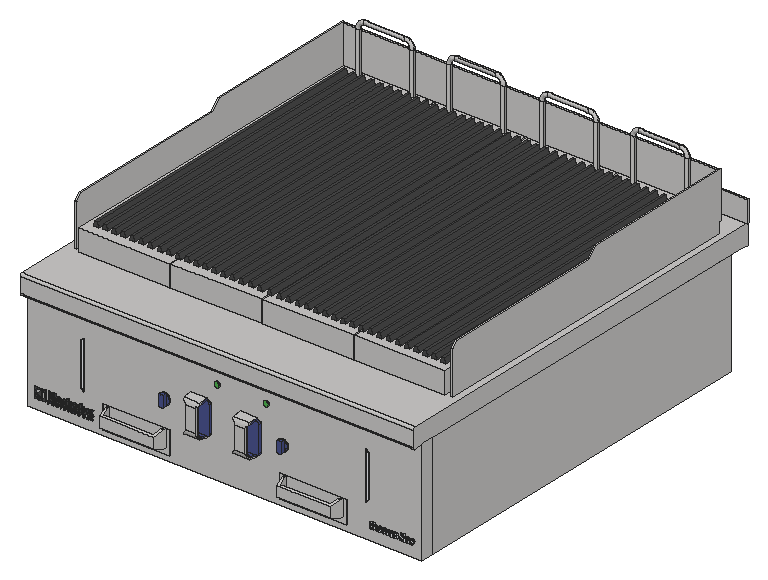
Revit family "QF_ELECTROLUXPROFESSIONAL_588619_MBDBBBHOPO", category Attrezzature speciali, Revit 2020
Family settings
  Quota connettore circolare = Usa diametro
  Tipo di parte = Normale
  Basato su piano di lavoro = No
  Sempre verticale = Sì
  Taglio con vuoti quando caricato = No
  Condiviso = No
  Punto di calcolo locali = No
Parameters (values of type "Standard")
  Weight = 110.00 kg
  Watts = 0 W
  Volts = 0 V
  URL Manufacturer = "https://www.electroluxprofessional.com/"
  URL = "https://www.electroluxprofessional.com/"
  Steam Supply Size = 0"
  Steam Supply Minimum Pressure = 0.00 psi
  Steam Supply Maximum Pressure = 0.00 psi
  Steam Consumption per Hour = 0
  Refrigeration Suction Line Size = 0 mm
  Refrigeration Liquid Line Size = 0 mm
  Refrigerant Compressor Remote = yes
  Prospetto di default = 0 mm
  Phase = 0
  Modello = "MBDBBBHOPO"
  Produttore = "Electrolux Professional"
  Length Actual = 800 mm  # constant formula
  Item Number = "588619"
  Hot Water Size = 0"
  Height Actual = 250 mm  # constant formula
  HP = "0 HP"
  Gas Size = 1/2"
  Gas KW = 21
  Gas Input Pressure = 0.703736 Btu/h
  Direct Waste Size = 0"
  Descrizione = "GAS CHARGRILL,1SIDE,BACKSPL,800X850X250H"
  Depth Actual = 850 mm  # constant formula
  Cycle = 0 Hz
  Condensate Return Size = 0"
  Compressed Air Volume = 0 GPM
  Compressed Air Size = 0"
  Compressed Air Pressure = 0.00 psi
  Cold Water Size = 0"
  Accessory = yes
Reference planes
  plane 1 "BACK": y = 0
  plane 2: z = 0
  plane 3 "LEFT": x = 0
  plane 4 "RIGHT": x = 800
  plane 5 "FRONT": y = -850
  plane 6 "TOP": z = 900
  plane 7 "Center (Left/Right)": x = 400
  plane 8: y = -425
  plane 9: y = -150
  plane 10: y = -65
  plane 11: y = -790
  plane 12 "GASy": y = -540
  plane 13 "Base_Rib": z = 944
  plane 14 "BaseTop": z = 650
  plane 15: y = -805
  plane 16 "Camino": y = -50
  plane 17 "GASx": x = 755
  plane 18: z = 1131
  plane 19 "PlaneRibbed": through (-6096, -65, 890) normal (0, -0.0251, 0.9997)
  plane 20 "U_Profile": y = -73
Forms (mm)
  Extrusion 1, solid, material "QF_Finishes_Stainless Steel"
    sketch origin (-178.969, -4572, 100) x (-1, 0, 0) y (0, -1, 0)
      loop
        line (-178.969, -4527) -> (-178.969, -3767) -> (-978.969, -3767) -> (-978.969, -4527) -> (-178.969, -4527)
    from 550 to 762.969
  Extrusion 2, solid, material "QF_Finishes_Stainless Steel"
    sketch origin (400, 296.4, 1219.2) x (0, 1, 0) y (0, 0, 1)
      loop
        line (-296.4, -319.2) -> (-1141.4, -319.2)
        arc (-1141.4, -319.2) -> (-1144.935, -320.664) -> (-1146.4, -324.2) r 5
        line (-1146.4, -324.2) -> (-1146.4, -355.2)
        arc (-1146.4, -355.2) -> (-1144.971, -358.264) -> (-1141.705, -359.139) r 4
        line (-1141.705, -359.139) -> (-1126.4, -356.231) -> (-316.4, -356.231) -> (-301.094, -359.139)
        arc (-301.094, -359.139) -> (-297.829, -358.264) -> (-296.4, -355.2) r 4
        line (-296.4, -355.2) -> (-296.4, -319.2)
    from -400 to 400
  Extrusion 3, solid, material "QF_Finishes_Stainless Steel"
    sketch origin (400, 296.4, 1219.2) x (0, 1, 0) y (0, 0, 1)
      loop
        line (-296.4, -319.2) -> (-296.4, -275.2) -> (-298.4, -275.2) -> (-298.4, -319.2) -> (-296.4, -319.2)
    from 400 to -400
  Extrusion 4, solid, material "QF_Finishes_Stainless Steel"
    sketch origin (400, 296.4, 1219.2) x (0, 1, 0) y (0, 0, 1)
      loop
        line (-1032.4, -275.2) -> (-1032.4, -319.2) -> (-360.4, -319.2) -> (-360.4, -275.2) -> (-1032.4, -275.2)
    from -372 to -186.5
  Extrusion 5, solid, material "QF_Finishes_Stainless Steel"
    sketch origin (0, 0, 650) x (-1, 0, 0) y (0, -1, 0)
      loop
        circle (-755, 540) r 6.35
    from 0 to -10
  Extrusion 6, solid, material "QF_Finishes_Stainless Steel"
    sketch origin (400, 296.4, 1219.2) x (0, 1, 0) y (0, 0, 1)
      loop
        line (-663.66, -204.2) -> (-681.66, -222.2) -> (-1016.26, -222.2) -> (-1027.4, -233.34) -> (-1027.4, -319.2) -> (-352.4, -319.2) -> (-352.4, -297.2) -> (-347.4, -297.2) -> (-347.4, -204.2) -> (-663.66, -204.2)
    from -381 to -384
  Extrusion 7, solid, material "QF_Finishes_Stainless Steel"
    sketch origin (400, 296.4, 1219.2) x (0, 1, 0) y (0, 0, 1)
      loop
        line (-663.66, -204.2) -> (-681.66, -222.2) -> (-1016.26, -222.2) -> (-1027.4, -233.34) -> (-1027.4, -319.2) -> (-352.4, -319.2) -> (-352.4, -297.2) -> (-347.4, -297.2) -> (-347.4, -204.2) -> (-663.66, -204.2)
    from 384 to 381
  Extrusion 8, solid, material "QF_Finishes_Stainless Steel"
    sketch origin (400, 296.4, 1219.2) x (0, 1, 0) y (0, 0, 1)
      loop
        line (-350.4, -297.2) -> (-347.4, -297.2) -> (-347.4, -204.2) -> (-350.4, -204.2) -> (-350.4, -297.2)
    from -381 to 381
  Sweep 9, solid, material "QF_Finishes_Stainless Steel"
    path origin (0, -73, 0) x (1, 0, 0) y (0, 0, 1)
      loop
        line (65.5, 944) -> (65.5, 1030.5)
        arc (65.5, 1030.5) -> (69.454, 1040.046) -> (79, 1044) r 13.5
        line (79, 1044) -> (162, 1044)
        arc (162, 1044) -> (171.546, 1040.046) -> (175.5, 1030.5) r 13.5
        line (175.5, 1030.5) -> (175.5, 944)
    profile origin (65.5, -73, 987.25) x (-1, 0, 0) y (0, -1, 0)
      loop
        circle (0, 0) r 3.5
  Sweep 10, solid, material "QF_Finishes_Stainless Steel"
    path origin (185, -73, 0) x (1, 0, 0) y (0, 0, 1)
      loop
        line (65.5, 944) -> (65.5, 1030.5)
        arc (65.5, 1030.5) -> (69.454, 1040.046) -> (79, 1044) r 13.5
        line (79, 1044) -> (162, 1044)
        arc (162, 1044) -> (171.546, 1040.046) -> (175.5, 1030.5) r 13.5
        line (175.5, 1030.5) -> (175.5, 944)
    profile origin (250.5, -73, 987.25) x (-1, 0, 0) y (0, -1, 0)
      loop
        circle (0, 0) r 3.5
  Sweep 11, solid, material "QF_Finishes_Stainless Steel"
    path origin (800, -73, 0) x (-1, 0, 0) y (0, 0, 1)
      loop
        line (65.5, 944) -> (65.5, 1030.5)
        arc (65.5, 1030.5) -> (69.454, 1040.046) -> (79, 1044) r 13.5
        line (79, 1044) -> (162, 1044)
        arc (162, 1044) -> (171.546, 1040.046) -> (175.5, 1030.5) r 13.5
        line (175.5, 1030.5) -> (175.5, 944)
    profile origin (734.5, -73, 987.25) x (-1, 0, 0) y (0, -1, 0)
      loop
        circle (0, 0) r 3.5
  Sweep 12, solid, material "QF_Finishes_Stainless Steel"
    path origin (615, -73, 0) x (-1, 0, 0) y (0, 0, 1)
      loop
        line (65.5, 944) -> (65.5, 1030.5)
        arc (65.5, 1030.5) -> (69.454, 1040.046) -> (79, 1044) r 13.5
        line (79, 1044) -> (162, 1044)
        arc (162, 1044) -> (171.546, 1040.046) -> (175.5, 1030.5) r 13.5
        line (175.5, 1030.5) -> (175.5, 944)
    profile origin (549.5, -73, 987.25) x (-1, 0, 0) y (0, -1, 0)
      loop
        circle (0, 0) r 3.5
  Extrusion 13, solid, material "QF_Finishes_Stainless Steel"
    sketch origin (400, 296.4, 1219.2) x (0, 1, 0) y (0, 0, 1)
      loop
        line (-1032.4, -275.2) -> (-1032.4, -319.2) -> (-360.4, -319.2) -> (-360.4, -275.2) -> (-1032.4, -275.2)
    from -1 to -186.5
  Extrusion 14, solid, material "QF_Finishes_Stainless Steel"
    sketch origin (400, 296.4, 1219.2) x (0, 1, 0) y (0, 0, 1)
      loop
        line (-1032.4, -275.2) -> (-1032.4, -319.2) -> (-360.4, -319.2) -> (-360.4, -275.2) -> (-1032.4, -275.2)
    from 1 to 186.5
  Extrusion 15, solid, material "QF_Finishes_Stainless Steel"
    sketch origin (400, 296.4, 1219.2) x (0, 1, 0) y (0, 0, 1)
      loop
        line (-1032.4, -275.2) -> (-1032.4, -319.2) -> (-360.4, -319.2) -> (-360.4, -275.2) -> (-1032.4, -275.2)
    from 372 to 186.5
Lines and regions (mm)
  symbolic lines
    curve 1: line (0, 0, 100) -> (800, 0, 100)
    curve 2: line (0, -850, 100) -> (0, 0, 100)
    curve 3: line (800, -850, 100) -> (0, -850, 100)
    curve 4: line (800, 0, 100) -> (800, -850, 100)
    curve 5: line (0, -2, 0) -> (800, -2, 0)
    curve 6: line (16, -51, 0) -> (16, -731, 0)
    curve 7: line (19, -731, 0) -> (19, -54, 0)
    curve 8: line (784, -51, 0) -> (16, -51, 0)
    curve 9: line (19, -54, 0) -> (781, -54, 0)
    curve 10: line (784, -731, 0) -> (784, -51, 0)
    curve 11: line (781, -54, 0) -> (781, -731, 0)
    curve 12: line (781, -731, 0) -> (784, -731, 0)
    curve 13: line (784, -719.86, 0) -> (781, -719.86, 0)
    curve 14: line (781, -367.26, 0) -> (784, -367.26, 0)
    curve 15: line (781, -385.26, 0) -> (784, -385.26, 0)
    curve 16: line (16, -367.26, 0) -> (19, -367.26, 0)
    curve 17: line (16, -385.26, 0) -> (19, -385.26, 0)
    curve 18: line (16, -731, 0) -> (19, -731, 0)
    curve 19: line (16, -719.86, 0) -> (19, -719.86, 0)
    curve 20: line (28, -64, 0) -> (28, -736, 0)
    curve 21: line (213.5, -736, 0) -> (213.5, -716, 0)
    curve 22: line (401, -736, 0) -> (401, -716, 0)
    curve 23: line (399, -736, 0) -> (399, -716, 0)
    curve 24: line (401, -736, 0) -> (772, -736, 0)
    curve 25: line (28, -736, 0) -> (399, -736, 0)
    curve 26: line (772, -736, 0) -> (772, -64, 0)
    curve 27: line (586.5, -736, 0) -> (586.5, -716, 0)
    curve 28: line (401, -64, 0) -> (772, -64, 0)
    curve 29: line (28, -64, 0) -> (399, -64, 0)
    curve 30: line (213.5, -64, 0) -> (213.5, -84, 0)
    curve 31: line (399, -64, 0) -> (399, -84, 0)
    curve 32: line (401, -64, 0) -> (401, -84, 0)
    curve 33: line (586.5, -64, 0) -> (586.5, -84, 0)
    curve 34: arc (624.5, -69.5, 0) -> (621, -73, 0) -> (624.5, -76.5, 0) r 3.5
    curve 35: line (624.5, -76.5, 0) -> (734.5, -76.5, 0)
    curve 36: line (734.5, -69.5, 0) -> (624.5, -69.5, 0)
    curve 37: arc (734.5, -69.5, 0) -> (738, -73, 0) -> (734.5, -76.5, 0) r 3.5
    curve 38: arc (439.5, -69.5, 0) -> (436, -73, 0) -> (439.5, -76.5, 0) r 3.5
    curve 39: line (439.5, -76.5, 0) -> (549.5, -76.5, 0)
    curve 40: line (549.5, -69.5, 0) -> (439.5, -69.5, 0)
    curve 41: arc (549.5, -69.5, 0) -> (553, -73, 0) -> (549.5, -76.5, 0) r 3.5
    curve 42: arc (250.5, -69.5, 0) -> (247, -73, 0) -> (250.5, -76.5, 0) r 3.5
    curve 43: line (250.5, -76.5, 0) -> (360.5, -76.5, 0)
    curve 44: line (360.5, -69.5, 0) -> (250.5, -69.5, 0)
    curve 45: arc (360.5, -69.5, 0) -> (364, -73, 0) -> (360.5, -76.5, 0) r 3.5
    curve 46: arc (65.5, -69.5, 0) -> (62, -73, 0) -> (65.5, -76.5, 0) r 3.5
    curve 47: line (65.5, -76.5, 0) -> (175.5, -76.5, 0)
    curve 48: line (175.5, -69.5, 0) -> (65.5, -69.5, 0)
    curve 49: arc (175.5, -69.5, 0) -> (179, -73, 0) -> (175.5, -76.5, 0) r 3.5
Dimensions and locks
  plane 3 "LEFT" to plane 4 "RIGHT" = 800 mm
  locked: plane 5 "FRONT" to plane 1 "BACK" at 850
  plane 3 "LEFT" to plane 7 "Center (Left/Right)" to plane 4 "RIGHT" = 400 mm, 400 mm
  equal spacing: plane 5 "FRONT", plane 8, plane 1 "BACK"
  plane 6 "TOP" to level = 900 mm  (x2)
  plane 1 "BACK" to plane 9 = 150 mm
  plane 12 "GASy" to plane 1 "BACK" = 540 mm
  plane 13 "Base_Rib" to plane 6 "TOP" = 44 mm
  plane 10 to plane 1 "BACK" = 65 mm
  plane 5 "FRONT" to plane 11 = 60 mm
  locked: plane 6 "TOP" to plane 14 "BaseTop" at 250
  locked: plane 15 to plane 5 "FRONT" at 45
  plane 16 "Camino" to plane 1 "BACK" = 50 mm
  plane 17 "GASx" to plane 4 "RIGHT" = 45 mm
  plane 18 to plane 6 "TOP" = 231 mm
  aligned and locked: level to plane 2
  aligned and locked: nested 1 to plane 15
  aligned and locked: Extrusion 1 to plane 15
  aligned and locked: Extrusion 3 to plane 3 "LEFT"
  aligned and locked: Extrusion 3 to plane 4 "RIGHT"
  aligned and locked: plane 3 "LEFT" to nested 1
Automatic sketch dimensions
  Extrusion 2 sketch curve to plane 5 "FRONT" = 0 mm
  Extrusion 2 sketch curve to plane 6 "TOP" = 0 mm
  Extrusion 2 sketch curve to plane 1 "BACK" = 0 mm
  Extrusion 2 sketch curve to Extrusion 2 sketch curve = 4 mm
  Extrusion 2 sketch curve to Extrusion 2 sketch curve = 0.695 mm
  Extrusion 2 sketch curve to plane 5 "FRONT" = 5 mm
  Extrusion 2 sketch curve to Extrusion 2 sketch curve = 15.305 mm
  plane 1 "BACK" to Extrusion 2 sketch curve = 20 mm
  plane 1 "BACK" to Extrusion 2 sketch curve = 4.695 mm
  plane 1 "BACK" to Extrusion 2 sketch curve = 4 mm
  Extrusion 2 sketch curve to Extrusion 2 sketch curve = 31 mm
  Extrusion 2 sketch curve to Extrusion 2 sketch curve = 36 mm
  Extrusion 2 sketch curve to Extrusion 2 sketch curve = 2.909 mm
  Extrusion 3 sketch curve to plane 6 "TOP" = 0 mm
  Extrusion 3 sketch curve to plane 13 "Base_Rib" = 0 mm
  Extrusion 3 sketch curve to plane 1 "BACK" = 0 mm
  plane 1 "BACK" to Extrusion 3 sketch curve = 2 mm
  Extrusion 4 sketch curve to plane 13 "Base_Rib" = 0 mm
  plane 6 "TOP" to Extrusion 4 sketch curve = 0 mm
  Extrusion 4 sketch curve to plane 11 = 54 mm
  Extrusion 4 sketch curve to plane 10 = 1 mm
  Extrusion 6 sketch curve to plane 6 "TOP" = 0 mm
  Extrusion 6 sketch curve to plane 11 = 59 mm
  Extrusion 6 sketch curve to Extrusion 6 sketch curve = 11.14 mm
  plane 8 to Extrusion 6 sketch curve = 39.74 mm
  Extrusion 6 sketch curve to Extrusion 6 sketch curve = 18 mm
  plane 16 "Camino" to Extrusion 6 sketch curve = 6 mm
  plane 16 "Camino" to Extrusion 6 sketch curve = 1 mm
  Extrusion 6 sketch curve to Extrusion 6 sketch curve = 22 mm
  plane 13 "Base_Rib" to Extrusion 6 sketch curve = 41.86 mm
  plane 13 "Base_Rib" to Extrusion 6 sketch curve = 53 mm
  plane 13 "Base_Rib" to Extrusion 6 sketch curve = 71 mm
  Extrusion 7 sketch curve to plane 6 "TOP" = 0 mm
  Extrusion 7 sketch curve to plane 11 = 59 mm
  Extrusion 7 sketch curve to Extrusion 7 sketch curve = 11.14 mm
  plane 8 to Extrusion 7 sketch curve = 39.74 mm
  Extrusion 7 sketch curve to Extrusion 7 sketch curve = 18 mm
  plane 16 "Camino" to Extrusion 7 sketch curve = 6 mm
  plane 16 "Camino" to Extrusion 7 sketch curve = 1 mm
  Extrusion 7 sketch curve to Extrusion 7 sketch curve = 22 mm
  plane 13 "Base_Rib" to Extrusion 7 sketch curve = 41.86 mm
  plane 13 "Base_Rib" to Extrusion 7 sketch curve = 53 mm
  plane 13 "Base_Rib" to Extrusion 7 sketch curve = 71 mm
  plane 16 "Camino" to Extrusion 8 sketch curve = 4 mm
  plane 16 "Camino" to Extrusion 8 sketch curve = 1 mm
  plane 6 "TOP" to Extrusion 8 sketch curve = 22 mm
  plane 13 "Base_Rib" to Extrusion 8 sketch curve = 71 mm
  Sweep 11 sketch curve to plane 13 "Base_Rib" = 0 mm  (x2)
  plane 17 "GASx" to Sweep 11 sketch curve = 20.5 mm
  Sweep 11 sketch curve to Sweep 11 sketch curve = 13.5 mm  (x2)
  Sweep 11 sketch curve to Sweep 11 sketch curve = 83 mm
  Sweep 11 sketch curve to Sweep 11 sketch curve = 86.5 mm
  plane 20 "U_Profile" to Sweep 11 sketch curve = 0 mm
  Sweep 11 sketch curve to profile plane = 0 mm
  Extrusion 13 sketch curve to plane 13 "Base_Rib" = 0 mm
  plane 6 "TOP" to Extrusion 13 sketch curve = 0 mm
  Extrusion 13 sketch curve to plane 11 = 54 mm
  Extrusion 13 sketch curve to plane 10 = 1 mm
  Extrusion 14 sketch curve to plane 13 "Base_Rib" = 0 mm
  plane 6 "TOP" to Extrusion 14 sketch curve = 0 mm
  Extrusion 14 sketch curve to plane 11 = 54 mm
  Extrusion 14 sketch curve to plane 10 = 1 mm
  Extrusion 15 sketch curve to plane 13 "Base_Rib" = 0 mm
  plane 6 "TOP" to Extrusion 15 sketch curve = 0 mm
  Extrusion 15 sketch curve to plane 11 = 54 mm
  Extrusion 15 sketch curve to plane 10 = 1 mm
  Extrusion 5 sketch curve to plane 12 "GASy" = 0 mm
  Extrusion 5 sketch curve to plane 17 "GASx" = 0 mm
  curve 5 to plane 3 "LEFT" = 0 mm
  plane 20 "U_Profile" to curve 46 = 0 mm
  plane 20 "U_Profile" to curve 42 = 0 mm
  plane 20 "U_Profile" to curve 38 = 0 mm
  plane 20 "U_Profile" to curve 34 = 0 mm
  curve 5 to plane 4 "RIGHT" = 0 mm
  plane 3 "LEFT" to curve 18 = 16 mm
  curve 6 to curve 18 = 3 mm
  curve 20 to plane 10 = 1 mm
  curve 7 to curve 20 = 9 mm
  curve 20 to curve 46 = 37.5 mm
  curve 48 to plane 20 "U_Profile" = 3.5 mm
  curve 46 to curve 48 = 110 mm
  plane 20 "U_Profile" to curve 43 = 3.5 mm
  curve 47 to curve 43 = 75 mm
  curve 43 to plane 7 "Center (Left/Right)" = 39.5 mm
  curve 29 to plane 7 "Center (Left/Right)" = 1 mm
  curve 23 to plane 7 "Center (Left/Right)" = 1 mm
  plane 7 "Center (Left/Right)" to curve 28 = 1 mm
  plane 7 "Center (Left/Right)" to curve 24 = 1 mm
  curve 40 to plane 20 "U_Profile" = 3.5 mm
  curve 28 to curve 40 = 38.5 mm
  curve 38 to curve 40 = 110 mm
  curve 41 to curve 34 = 75 mm
  curve 37 to plane 17 "GASx" = 20.5 mm
  plane 17 "GASx" to curve 26 = 17 mm
  plane 16 "Camino" to curve 11 = 4 mm
  curve 26 to curve 11 = 9 mm
  plane 16 "Camino" to curve 10 = 1 mm
  curve 9 to curve 10 = 3 mm
  curve 18 to plane 11 = 59 mm
  curve 12 to plane 11 = 59 mm
  curve 20 to curve 7 = 5 mm
  curve 23 to curve 24 = 0 mm
  plane 20 "U_Profile" to curve 35 = 3.5 mm
  curve 26 to plane 10 = 1 mm
  curve 21 to plane 11 = 74 mm
  curve 21 to curve 23 = 185.5 mm
  curve 30 to curve 44 = 37 mm
  curve 40 to curve 33 = 37 mm
  curve 27 to plane 11 = 74 mm
  curve 27 to plane 17 "GASx" = 168.5 mm
  plane 20 "U_Profile" to curve 32 = 11 mm
  plane 20 "U_Profile" to curve 30 = 11 mm
  plane 20 "U_Profile" to curve 33 = 11 mm
  curve 31 to curve 32 = 0 mm
  plane 8 to curve 16 = 57.74 mm
  plane 8 to curve 14 = 57.74 mm
  curve 17 to curve 16 = 18 mm
  curve 15 to curve 14 = 18 mm
  curve 22 to curve 22 = 20 mm
  curve 23 to curve 22 = 0 mm
  curve 11 to curve 13 = 11.14 mm
  curve 7 to curve 19 = 11.14 mm
  plane 1 "BACK" to curve 5 = 2 mm
  Extrusion 1 sketch curve to plane 4 "RIGHT" = 0 mm
  Extrusion 1 sketch curve to plane 3 "LEFT" = 0 mm
  Extrusion 1 sketch curve to plane 15 = 0 mm
  Extrusion 1 sketch curve to plane 16 "Camino" = 5 mm
  plane 1 "BACK" to curve 1 = 0 mm
  curve 1 to plane 4 "RIGHT" = 0 mm
  curve 3 to plane 3 "LEFT" = 0 mm
  plane 5 "FRONT" to curve 3 = 0 mm
  Sweep 9 sketch curve to plane 13 "Base_Rib" = 0 mm  (x2)
  plane 3 "LEFT" to Sweep 9 sketch curve = 65.5 mm
  Sweep 9 sketch curve to Sweep 9 sketch curve = 13.5 mm  (x2)
  Sweep 9 sketch curve to Sweep 9 sketch curve = 83 mm
  Sweep 9 sketch curve to Sweep 9 sketch curve = 86.5 mm
  plane 20 "U_Profile" to Sweep 9 sketch curve = 0 mm
  Sweep 9 sketch curve to profile plane = 0 mm
  Sweep 10 sketch curve to plane 13 "Base_Rib" = 0 mm  (x2)
  plane 13 "Base_Rib" to Sweep 10 sketch curve = 86.5 mm
  Sweep 10 sketch curve to plane 7 "Center (Left/Right)" = 149.5 mm
  Sweep 10 sketch curve to Sweep 10 sketch curve = 13.5 mm  (x2)
  Sweep 10 sketch curve to plane 7 "Center (Left/Right)" = 53 mm
  plane 20 "U_Profile" to Sweep 10 sketch curve = 0 mm
  Sweep 10 sketch curve to profile plane = 0 mm
  Sweep 12 sketch curve to plane 13 "Base_Rib" = 0 mm  (x2)
  Sweep 12 sketch curve to plane 13 "Base_Rib" = 86.5 mm
  Sweep 12 sketch curve to plane 7 "Center (Left/Right)" = 149.5 mm
  Sweep 12 sketch curve to Sweep 12 sketch curve = 13.5 mm  (x2)
  Sweep 12 sketch curve to plane 7 "Center (Left/Right)" = 53 mm
  plane 20 "U_Profile" to Sweep 12 sketch curve = 0 mm
  Sweep 12 sketch curve to profile plane = 0 mm
  radius of Sweep 11 sketch curve = 3.5 mm
  radius of Extrusion 5 sketch curve = 6.35 mm
  radius of Sweep 9 sketch curve = 3.5 mm
  radius of Sweep 10 sketch curve = 3.5 mm
  radius of Sweep 12 sketch curve = 3.5 mm
Nested families
  nested 1: "Front_Panel_W800_2 Knobs_2Spie_Manop_Simm" at (202.376, -805, 0), type "Front_Panel_W800_2 Knobs_2Spie_Manop_Simm"
  nested 2: "Rib_TRAP10x10" at (47, -411.07, 944) x (-1, 0, 0) z (0, 0, 1), type "Rib_TRAP10x10"
    with Show Clearance yes, Lenght 632 mm
  nested 3: "Rib_TRAP10x10" at (65.5, -411.07, 944) x (-1, 0, 0) z (0, 0, 1), type "Rib_TRAP10x10"
    with Show Clearance yes, Lenght 632 mm
  nested 4: "Rib_TRAP10x10" at (84, -411.07, 944) x (-1, 0, 0) z (0, 0, 1), type "Rib_TRAP10x10"
    with Show Clearance yes, Lenght 632 mm
  nested 5: "Rib_TRAP10x10" at (102.5, -411.07, 944) x (-1, 0, 0) z (0, 0, 1), type "Rib_TRAP10x10"
    with Show Clearance yes, Lenght 632 mm
  nested 6: "Rib_TRAP10x10" at (121, -411.07, 944) x (-1, 0, 0) z (0, 0, 1), type "Rib_TRAP10x10"
    with Show Clearance yes, Lenght 632 mm
  nested 7: "Rib_TRAP10x10" at (139.5, -411.07, 944) x (-1, 0, 0) z (0, 0, 1), type "Rib_TRAP10x10"
    with Show Clearance yes, Lenght 632 mm
  nested 8: "Rib_TRAP10x10" at (158, -411.07, 944) x (-1, 0, 0) z (0, 0, 1), type "Rib_TRAP10x10"
    with Show Clearance yes, Lenght 632 mm
  nested 9: "Rib_TRAP10x10" at (176.5, -411.07, 944) x (-1, 0, 0) z (0, 0, 1), type "Rib_TRAP10x10"
    with Show Clearance yes, Lenght 632 mm
  nested 10: "Rib_TRAP10x10" at (195, -411.07, 944) x (-1, 0, 0) z (0, 0, 1), type "Rib_TRAP10x10"
    with Show Clearance yes, Lenght 632 mm
  nested 11: "Rib_TRAP10x10" at (213.5, -411.07, 944) x (-1, 0, 0) z (0, 0, 1), type "Rib_TRAP10x10"
    with Show Clearance yes, Lenght 632 mm
  nested 12: "Rib_TRAP10x10" at (232, -411.07, 944) x (-1, 0, 0) z (0, 0, 1), type "Rib_TRAP10x10"
    with Show Clearance yes, Lenght 632 mm
  nested 13: "Rib_TRAP10x10" at (250.5, -411.07, 944) x (-1, 0, 0) z (0, 0, 1), type "Rib_TRAP10x10"
    with Show Clearance yes, Lenght 632 mm
  nested 14: "Rib_TRAP10x10" at (269, -411.07, 944) x (-1, 0, 0) z (0, 0, 1), type "Rib_TRAP10x10"
    with Show Clearance yes, Lenght 632 mm
  nested 15: "Rib_TRAP10x10" at (287.5, -411.07, 944) x (-1, 0, 0) z (0, 0, 1), type "Rib_TRAP10x10"
    with Show Clearance yes, Lenght 632 mm
  nested 16: "Rib_TRAP10x10" at (306, -411.07, 944) x (-1, 0, 0) z (0, 0, 1), type "Rib_TRAP10x10"
    with Show Clearance yes, Lenght 632 mm
  nested 17: "Rib_TRAP10x10" at (324.5, -411.07, 944) x (-1, 0, 0) z (0, 0, 1), type "Rib_TRAP10x10"
    with Show Clearance yes, Lenght 632 mm
  nested 18: "Rib_TRAP10x10" at (343, -411.07, 944) x (-1, 0, 0) z (0, 0, 1), type "Rib_TRAP10x10"
    with Show Clearance yes, Lenght 632 mm
  nested 19: "Rib_TRAP10x10" at (361.5, -411.07, 944) x (-1, 0, 0) z (0, 0, 1), type "Rib_TRAP10x10"
    with Show Clearance yes, Lenght 632 mm
  nested 20: "Rib_TRAP10x10" at (380, -411.07, 944) x (-1, 0, 0) z (0, 0, 1), type "Rib_TRAP10x10"
    with Show Clearance yes, Lenght 632 mm
  nested 21: "Rib_TRAP10x10" at (400, -411.07, 944) x (-1, 0, 0) z (0, 0, 1), type "Rib_TRAP10x10"
    with Show Clearance yes, Lenght 632 mm
  nested 22: "Rib_TRAP10x10" at (753, -411.07, 944), type "Rib_TRAP10x10"
    with Show Clearance yes, Lenght 632 mm
  nested 23: "Rib_TRAP10x10" at (734.5, -411.07, 944), type "Rib_TRAP10x10"
    with Show Clearance yes, Lenght 632 mm
  nested 24: "Rib_TRAP10x10" at (716, -411.07, 944), type "Rib_TRAP10x10"
    with Show Clearance yes, Lenght 632 mm
  nested 25: "Rib_TRAP10x10" at (697.5, -411.07, 944), type "Rib_TRAP10x10"
    with Show Clearance yes, Lenght 632 mm
  nested 26: "Rib_TRAP10x10" at (679, -411.07, 944), type "Rib_TRAP10x10"
    with Show Clearance yes, Lenght 632 mm
  nested 27: "Rib_TRAP10x10" at (660.5, -411.07, 944), type "Rib_TRAP10x10"
    with Show Clearance yes, Lenght 632 mm
  nested 28: "Rib_TRAP10x10" at (642, -411.07, 944), type "Rib_TRAP10x10"
    with Show Clearance yes, Lenght 632 mm
  nested 29: "Rib_TRAP10x10" at (623.5, -411.07, 944), type "Rib_TRAP10x10"
    with Show Clearance yes, Lenght 632 mm
  nested 30: "Rib_TRAP10x10" at (605, -411.07, 944), type "Rib_TRAP10x10"
    with Show Clearance yes, Lenght 632 mm
  nested 31: "Rib_TRAP10x10" at (586.5, -411.07, 944), type "Rib_TRAP10x10"
    with Show Clearance yes, Lenght 632 mm
  nested 32: "Rib_TRAP10x10" at (568, -411.07, 944), type "Rib_TRAP10x10"
    with Show Clearance yes, Lenght 632 mm
  nested 33: "Rib_TRAP10x10" at (549.5, -411.07, 944), type "Rib_TRAP10x10"
    with Show Clearance yes, Lenght 632 mm
  nested 34: "Rib_TRAP10x10" at (531, -411.07, 944), type "Rib_TRAP10x10"
    with Show Clearance yes, Lenght 632 mm
  nested 35: "Rib_TRAP10x10" at (512.5, -411.07, 944), type "Rib_TRAP10x10"
    with Show Clearance yes, Lenght 632 mm
  nested 36: "Rib_TRAP10x10" at (494, -411.07, 944), type "Rib_TRAP10x10"
    with Show Clearance yes, Lenght 632 mm
  nested 37: "Rib_TRAP10x10" at (475.5, -411.07, 944), type "Rib_TRAP10x10"
    with Show Clearance yes, Lenght 632 mm
  nested 38: "Rib_TRAP10x10" at (457, -411.07, 944), type "Rib_TRAP10x10"
    with Show Clearance yes, Lenght 632 mm
  nested 39: "Rib_TRAP10x10" at (438.5, -411.07, 944), type "Rib_TRAP10x10"
    with Show Clearance yes, Lenght 632 mm
  nested 40: "Rib_TRAP10x10" at (420, -411.07, 944), type "Rib_TRAP10x10"
    with Show Clearance yes, Lenght 632 mm
Connectors
  piping at (755, -540, 640), diameter 12.7
    settings: on Extrusion 5, index 2, connector inside diameter 24", connector length 0 mm, flow factor 0, pipe flow 0 GPM, pressure drop 0.00 psi, fitting loss kfactor 0, connector angle 0.00°, fixture units 0, engagement length 0 mm, angle of deflection 0.00°, flow configuration 1, flow direction 1, fitting loss method 0, system type 7, joint type 0, gender type 0, connector reference index -1, connector utility 0, adjustable connector no, is connector primary yes, connector description "Gas connection"
Definition of nested family "Front_Panel_W800_2 Knobs_2Spie_Manop_Simm"
  Parameters
    Default Elevation = 0 mm
  Reference planes
    plane 1 "Center (Front/Back)": y = 0
    plane 2: z = 0
    plane 3 "Center (Left/Right)": x = 197.624
    plane 4 "Left": x = -202.376
    plane 5 "Right": x = 597.624
    plane 6: y = -45
    plane 7: x = 147.624
    plane 8 "Panel": y = -25
    plane 9: x = 489.624
    plane 10: x = -94.376
    plane 11: x = 247.624
    plane 12: x = 77.444
    plane 13: x = -42.196
    plane 14: x = 437.444
    plane 15: x = 317.804
  Forms (mm)
    Extrusion 1, solid
      sketch origin (833.217, 829.203, -1.25) x (0, 1, 0) y (0, 0, 1)
        loop
          line (-854.203, 651.25) -> (-829.203, 651.25) -> (-829.203, 864.25) -> (-854.203, 864.25) -> (-854.203, 651.25)
      from -1035.593 to -235.593
    Extrusion 2, void
      sketch origin (0, -25, -10) x (0, 0, 1) y (-1, 0, 0)
        loop
          line (731.866, 94.376) -> (726.866, 89.376) -> (823.866, 89.376) -> (818.866, 94.376) -> (731.866, 94.376)
        loop
          line (731.866, -489.624) -> (818.866, -489.624) -> (823.866, -484.624) -> (726.866, -484.624) -> (731.866, -489.624)
      from 0 to -2
    Extrusion 3, solid
      sketch origin (175, -25, 1.163) x (0, 0, 1) y (-1, 0, 0)
        loop
          circle (824.337, -7.624) r 5
      from 0 to 1.7
    Extrusion 4, solid
      sketch origin (0, -25, -10) x (0, 0, 1) y (-1, 0, 0)
        loop
          line (731.866, 94.376) -> (726.866, 89.376) -> (823.866, 89.376) -> (818.866, 94.376) -> (731.866, 94.376)
        loop
          line (726.866, -484.624) -> (731.866, -489.624) -> (818.866, -489.624) -> (823.866, -484.624) -> (726.866, -484.624)
      from 0 to -2
    Extrusion 5, solid
      sketch origin (-15, -25, 0) x (0, 0, 1) y (-1, 0, 0)
        loop
          circle (761.978, -90.989) r 11.5
      from 1.492 to 2.716
    Extrusion 6, solid
      sketch origin (-15, -25, 0) x (0, 0, 1) y (-1, 0, 0)
        loop
          circle (761.978, -90.989) r 8.098
      from 0 to 1.492
    Extrusion 7, solid
      sketch origin (-15, -25, 0) x (0, 0, 1) y (-1, 0, 0)
        loop
          arc (772.561, -95.489) -> (773.478, -90.989) -> (772.561, -86.489) r 11.5
          line (772.561, -86.489) -> (751.395, -86.489)
          arc (751.395, -86.489) -> (750.478, -90.989) -> (751.395, -95.489) r 11.5
          line (751.395, -95.489) -> (772.561, -95.489)
      from 1.492 to 10
    Extrusion 8, solid
      sketch origin (275, -25, 0) x (0, 0, 1) y (-1, 0, 0)
        loop
          circle (761.978, -40.989) r 11.5
      from 1.492 to 2.716
    Extrusion 9, solid
      sketch origin (275, -25, 0) x (0, 0, 1) y (-1, 0, 0)
        loop
          circle (761.978, -40.989) r 8.098
      from 0 to 1.492
    Extrusion 10, solid
      sketch origin (275, -25, 0) x (0, 0, 1) y (-1, 0, 0)
        loop
          arc (772.561, -45.489) -> (773.478, -40.989) -> (772.561, -36.489) r 11.5
          line (772.561, -36.489) -> (751.395, -36.489)
          arc (751.395, -36.489) -> (750.478, -40.989) -> (751.395, -45.489) r 11.5
          line (751.395, -45.489) -> (772.561, -45.489)
      from 1.492 to 10
    Extrusion 11, solid
      sketch origin (275, -25, 1.163) x (0, 0, 1) y (-1, 0, 0)
        loop
          circle (824.337, -7.624) r 5
      from 0 to 1.7
    Extrusion 12, solid
      sketch origin (0, -25, 0) x (0, 0, 1) y (-1, 0, 0)
        loop
          line (708.5, 50.376) -> (661.5, 50.376) -> (661.5, -85.567) -> (708.5, -85.567) -> (708.5, 50.376)
      from -2 to 1
    Extrusion 13, solid
      sketch origin (-139.82, 0, 0.939) x (1, 0, 0) y (0, 1, 0)
        loop
          line (103.029, -26.6) -> (97.935, -26.6) -> (102.304, -49.075) -> (212.585, -49.075) -> (217.265, -25) -> (212.171, -25) -> (208.463, -44.075) -> (106.426, -44.075) -> (103.029, -26.6)
      from 672.593 to 705.67
    Extrusion 14, void
      sketch origin (7.804, 0, 0.939) x (0, 1, 0) y (0, 0, 1)
        loop
          line (-30, 705.67) -> (-30, 710.67) -> (-56.744, 710.67) -> (-56.744, 667.593) -> (-30, 667.593) -> (-30, 672.593) -> (-53.776, 680.318) -> (-53.776, 697.945) -> (-30, 705.67)
      from -50 to 69.64
    Extrusion 15, void
      sketch origin (0, -25, 0) x (0, 0, 1) y (-1, 0, 0)
        loop
          line (708.5, 50.376) -> (661.5, 50.376) -> (661.5, -85.567) -> (708.5, -85.567) -> (708.5, 50.376)
      from 0 to -2
    Extrusion 16, solid
      sketch origin (360, -25, 0) x (0, 0, 1) y (-1, 0, 0)
        loop
          line (708.5, 50.376) -> (661.5, 50.376) -> (661.5, -85.567) -> (708.5, -85.567) -> (708.5, 50.376)
      from -2 to 1
    Extrusion 17, solid
      sketch origin (220.18, 0, 0.939) x (1, 0, 0) y (0, 1, 0)
        loop
          line (103.029, -26.6) -> (97.935, -26.6) -> (102.304, -49.075) -> (212.585, -49.075) -> (217.265, -25) -> (212.171, -25) -> (208.463, -44.075) -> (106.426, -44.075) -> (103.029, -26.6)
      from 672.593 to 705.67
    Extrusion 18, void
      sketch origin (367.804, 0, 0.939) x (0, 1, 0) y (0, 0, 1)
        loop
          line (-30, 705.67) -> (-30, 710.67) -> (-56.744, 710.67) -> (-56.744, 667.593) -> (-30, 667.593) -> (-30, 672.593) -> (-53.776, 680.318) -> (-53.776, 697.945) -> (-30, 705.67)
      from -50 to 69.64
  Cuts and joins
    Extrusion 2, Extrusion 15 cuts Extrusion 1
    joined: Extrusion 5, Extrusion 7
    Extrusion 14, Extrusion 18 cuts Extrusion 13
    Extrusion 18 cuts Extrusion 17
  Dimensions and locks
    equal spacing: plane 5 "Right", plane 3 "Center (Left/Right)", plane 4 "Left"
    plane 5 "Right" to plane 4 "Left" = 800 mm
    plane 3 "Center (Left/Right)" to plane 7 = 50 mm
    plane 11 to plane 3 "Center (Left/Right)" = 50 mm
    aligned and locked: cut or joined group of Extrusion 1, Extrusion 2, Extrusion 15 to plane 4 "Left"
    aligned and locked: plane 5 "Right" to cut or joined group of Extrusion 1, Extrusion 2, Extrusion 15
  Automatic sketch dimensions
    Extrusion 1 sketch curve to plane 8 "Panel" = 0 mm
    Extrusion 1 sketch curve to plane 1 "Center (Front/Back)" = 0 mm
    level to Extrusion 1 sketch curve = 650 mm
    Extrusion 1 sketch curve to Extrusion 1 sketch curve = 213 mm
    Extrusion 2 sketch curve to plane 10 = 0 mm
    Extrusion 2 sketch curve to plane 9 = 0 mm
    Extrusion 2 sketch curve to plane 9 = 5 mm
    level to Extrusion 2 sketch curve = 716.866 mm
    plane 10 to Extrusion 2 sketch curve = 5 mm
    Extrusion 2 sketch curve to Extrusion 2 sketch curve = 0 mm
    Extrusion 2 sketch curve to Extrusion 2 sketch curve = 5 mm  (x4)
    Extrusion 2 sketch curve to Extrusion 2 sketch curve = 87 mm  (x2)
    Extrusion 3 sketch curve to plane 3 "Center (Left/Right)" = 15 mm
    level to Extrusion 3 sketch curve = 825.5 mm
    Extrusion 4 sketch curve to plane 10 = 0 mm
    Extrusion 4 sketch curve to plane 9 = 0 mm
    Extrusion 4 sketch curve to plane 9 = 5 mm
    level to Extrusion 4 sketch curve = 716.866 mm
    plane 10 to Extrusion 4 sketch curve = 5 mm
    Extrusion 4 sketch curve to Extrusion 4 sketch curve = 0 mm
    Extrusion 4 sketch curve to Extrusion 4 sketch curve = 5 mm  (x4)
    Extrusion 4 sketch curve to Extrusion 4 sketch curve = 87 mm  (x2)
    Extrusion 5 sketch curve to plane 12 = 1.455 mm
    level to Extrusion 5 sketch curve = 761.978 mm
    Extrusion 6 sketch curve to plane 12 = 1.455 mm
    level to Extrusion 6 sketch curve = 761.978 mm
    Extrusion 7 sketch curve to Extrusion 7 sketch curve = 0 mm  (x3)
    Extrusion 7 sketch curve to plane 12 = 5.955 mm
    level to Extrusion 7 sketch curve = 751.395 mm
    plane 12 to Extrusion 7 sketch curve = 3.045 mm
    Extrusion 7 sketch curve to Extrusion 7 sketch curve = 10.583 mm  (x2)
    Extrusion 8 sketch curve to plane 15 = 1.815 mm
    level to Extrusion 8 sketch curve = 761.978 mm
    Extrusion 9 sketch curve to plane 15 = 1.815 mm
    level to Extrusion 9 sketch curve = 761.978 mm
    Extrusion 10 sketch curve to Extrusion 10 sketch curve = 0 mm  (x3)
    Extrusion 10 sketch curve to plane 15 = 6.315 mm
    level to Extrusion 10 sketch curve = 751.395 mm
    plane 15 to Extrusion 10 sketch curve = 2.685 mm
    Extrusion 10 sketch curve to Extrusion 10 sketch curve = 10.583 mm  (x2)
    plane 11 to Extrusion 11 sketch curve = 35 mm
    level to Extrusion 11 sketch curve = 825.5 mm
    Extrusion 12 sketch curve to plane 13 = 8.18 mm
    level to Extrusion 12 sketch curve = 661.5 mm
    plane 12 to Extrusion 12 sketch curve = 8.122 mm
    Extrusion 12 sketch curve to Extrusion 12 sketch curve = 47 mm
    plane 8 "Panel" to Extrusion 13 sketch curve = 0 mm
    Extrusion 13 sketch curve to plane 12 = 0 mm
    Extrusion 13 sketch curve to plane 12 = 4.68 mm
    Extrusion 13 sketch curve to plane 12 = 5.094 mm
    Extrusion 13 sketch curve to plane 6 = 0.925 mm
    Extrusion 13 sketch curve to Extrusion 13 sketch curve = 4.122 mm
    plane 13 to Extrusion 13 sketch curve = 8.801 mm
    plane 8 "Panel" to Extrusion 13 sketch curve = 1.6 mm
    plane 13 to Extrusion 13 sketch curve = 5.405 mm
    plane 13 to Extrusion 13 sketch curve = 4.68 mm
    plane 13 to Extrusion 13 sketch curve = 0.311 mm
    plane 6 to Extrusion 13 sketch curve = 4.075 mm
    plane 6 to Extrusion 14 sketch curve = 11.744 mm
    plane 6 to Extrusion 14 sketch curve = 8.776 mm
    plane 8 "Panel" to Extrusion 14 sketch curve = 5 mm  (x2)
    level to Extrusion 14 sketch curve = 668.531 mm
    Extrusion 14 sketch curve to Extrusion 14 sketch curve = 5 mm
    Extrusion 14 sketch curve to Extrusion 14 sketch curve = 12.725 mm  (x2)
    Extrusion 14 sketch curve to Extrusion 14 sketch curve = 17.627 mm
    Extrusion 14 sketch curve to Extrusion 14 sketch curve = 7.725 mm
    Extrusion 15 sketch curve to plane 13 = 8.18 mm
    level to Extrusion 15 sketch curve = 661.5 mm
    plane 12 to Extrusion 15 sketch curve = 8.122 mm
    Extrusion 15 sketch curve to Extrusion 15 sketch curve = 47 mm
    Extrusion 16 sketch curve to plane 15 = 8.18 mm
    level to Extrusion 16 sketch curve = 661.5 mm
    plane 14 to Extrusion 16 sketch curve = 8.122 mm
    Extrusion 16 sketch curve to Extrusion 16 sketch curve = 47 mm
    plane 8 "Panel" to Extrusion 17 sketch curve = 0 mm
    Extrusion 17 sketch curve to plane 14 = 0 mm
    Extrusion 17 sketch curve to plane 14 = 4.68 mm
    Extrusion 17 sketch curve to plane 14 = 5.094 mm
    Extrusion 17 sketch curve to plane 6 = 0.925 mm
    Extrusion 17 sketch curve to Extrusion 17 sketch curve = 4.122 mm
    plane 15 to Extrusion 17 sketch curve = 8.801 mm
    plane 8 "Panel" to Extrusion 17 sketch curve = 1.6 mm
    plane 15 to Extrusion 17 sketch curve = 5.405 mm
    plane 15 to Extrusion 17 sketch curve = 4.68 mm
    plane 15 to Extrusion 17 sketch curve = 0.311 mm
    plane 6 to Extrusion 17 sketch curve = 4.075 mm
    plane 6 to Extrusion 18 sketch curve = 11.744 mm
    plane 6 to Extrusion 18 sketch curve = 8.776 mm
    plane 8 "Panel" to Extrusion 18 sketch curve = 5 mm  (x2)
    level to Extrusion 18 sketch curve = 668.531 mm
    Extrusion 18 sketch curve to Extrusion 18 sketch curve = 5 mm
    Extrusion 18 sketch curve to Extrusion 18 sketch curve = 12.725 mm  (x2)
    Extrusion 18 sketch curve to Extrusion 18 sketch curve = 17.627 mm
    Extrusion 18 sketch curve to Extrusion 18 sketch curve = 7.725 mm
    radius of Extrusion 3 sketch curve = 5 mm
    radius of Extrusion 5 sketch curve = 11.5 mm
    radius of Extrusion 6 sketch curve = 8.098 mm
    radius of Extrusion 8 sketch curve = 11.5 mm
    radius of Extrusion 9 sketch curve = 8.098 mm
    radius of Extrusion 11 sketch curve = 5 mm
  Nested families
    nested 1: "Range Control Handle" at (147.624, -28.137, -209.113) x (-1, 0, 0) z (0, 0, 1), type "Range Control Handle"
    nested 2: "Range Control Handle" at (247.624, -28.137, -209.113), type "Range Control Handle"
    nested 3: "ELX_ThermaLine_Small" at (533.838, -25, 679.426) x (1, 0, 0) z (0, -1, 0), type "ELX_ThermaLine_Small"
      with Show Logo yes, Material_Logo none
    nested 4: "ELX_Professional_Logo_Small" at (-127.89, -25, 681.659) x (1, 0, 0) z (0, -1, 0), type "ELX_Professional_Logo_Small"
      with Show Logo yes, Material_Logo none
  Definition of nested family "Range Control Handle"
    Parameters
      Default Elevation = 0 mm
    Reference planes
      plane 1 "Center (Front/Back)": y = 0
      plane 2: z = 0
      plane 3 "Center (Left/Right)": x = 0
      plane 4: z = 971.092
      plane 5: y = -16.9
    Forms (mm)
      Extrusion 1, solid
        sketch origin (-746.28, 380.497, 208.931) x (-1, 0, 0) y (0, 0, 1)
          loop
            line (-770.101, 786.798) -> (-770.101, 731.649)
            arc (-770.101, 731.649) -> (-769.759, 730.563) -> (-768.855, 729.87) r 1.893
            line (-768.855, 729.87) -> (-763.474, 727.911) -> (-729.81, 727.911) -> (-724.428, 729.87)
            arc (-724.428, 729.87) -> (-723.525, 730.563) -> (-723.183, 731.649) r 1.893
            line (-723.183, 731.649) -> (-723.183, 786.798)
            arc (-723.183, 786.798) -> (-723.529, 787.894) -> (-724.44, 788.593) r 1.91
            line (-724.44, 788.593) -> (-729.683, 790.819) -> (-763.601, 790.819) -> (-768.844, 788.593)
            arc (-768.844, 788.593) -> (-769.755, 787.894) -> (-770.101, 786.798) r 1.91
        from -382.35 to -378.852
      Sweep 2, solid
        path origin (-746.788, 380.496, 208.091) x (0, -1, 0) y (0, 0, 1)
          loop
            line (379.775, 793.281) -> (395.661, 791.048)
            arc (395.661, 791.048) -> (397.781, 787.377) -> (398.517, 783.202) r 12.207
            line (398.517, 783.202) -> (398.517, 737.368)
            arc (398.517, 737.368) -> (397.781, 733.193) -> (395.661, 729.522) r 12.207
            line (395.661, 729.522) -> (379.775, 727.289)
        profile origin (-746.788, -7.222, 1000.256) x (0, -0.139173, 0.990268) y (-1, 0, 0)
          loop
            line (0.782, -763.123) -> (0.782, -730.907) -> (-1.322, -730.907) -> (-1.322, -763.123) -> (0.782, -763.123)
      Sweep 3, solid
        path origin (-746.788, 380.715, 207.832) x (0, -1, 0) y (0, 0, 1)
          loop
            line (380.478, 795.442) -> (397.218, 793.09)
            arc (397.218, 793.09) -> (399.929, 788.473) -> (400.871, 783.202) r 15.207
            line (400.871, 783.202) -> (400.871, 737.584)
            arc (400.871, 737.584) -> (399.914, 732.274) -> (397.164, 727.633) r 15.207
            line (397.164, 727.633) -> (380.601, 725.305)
        profile origin (-746.788, -8.132, 1002.099) x (0, -0.139173, 0.990268) y (-1, 0, 0)
          loop
            line (0.782, -763.123) -> (0.782, -730.907) -> (-1.322, -730.907) -> (-1.322, -763.123) -> (0.782, -763.123)
      Extrusion 4, void
        sketch origin (889.253, 220.666, 207.993) x (1, 0, 0) y (0, 0, 1)
          loop
            line (-943.038, 816.854) -> (-943.038, 703.686) -> (-899.466, 734.196) -> (-899.466, 786.344) -> (-943.038, 816.854)
        from 230.636 to 242.25
      Extrusion 5, void
        sketch origin (-888.8, 220.666, 207.993) x (-1, 0, 0) y (0, 0, -1)
          loop
            line (-943.038, -816.854) -> (-899.466, -786.344) -> (-899.466, -734.196) -> (-943.038, -703.686) -> (-943.038, -816.854)
        from 230.636 to 242.25
      Extrusion 6, solid
        sketch origin (0, 0, 0) x (1, 0, 0) y (0, 0, 1)
          loop
            circle (0, 971.092) r 7.736
        from -3.137 to -1.645
    Cuts and joins
      Extrusion 4, Extrusion 5 cuts Sweep 3
      Extrusion 4, Extrusion 5 cuts Sweep 2
      joined: Extrusion 1, Extrusion 6
    Lines and regions (mm)
      symbolic lines
        curve 1: line (16.334, -16.9, 0) -> (16.334, -19.227, 0)
        curve 2: spline (16.334, -19.227, 0) -> (15.87, -19.385, 0) -> (15.404, -19.536, 0) -> (14.936, -19.678, 0) -> (14.466, -19.813, 0) -> (13.995, -19.94, 0) -> (13.523, -20.059, 0) -> (13.049, -20.171, 0) -> (12.575, -20.274, 0) -> (12.099, -20.37, 0) -> (11.622, -20.458, 0) -> (11.144, -20.537, 0) -> (10.666, -20.609, 0)
        curve 3: line (10.666, -16.9, 0) -> (10.666, -20.938, 0)
        curve 4: line (-10.213, -20.938, 0) -> (10.666, -20.938, 0)
        curve 5: line (-10.213, -20.938, 0) -> (-10.213, -16.9, 0)
        curve 6: spline (-10.213, -20.609, 0) -> (-10.691, -20.537, 0) -> (-11.169, -20.458, 0) -> (-11.646, -20.37, 0) -> (-12.122, -20.274, 0) -> (-12.597, -20.171, 0) -> (-13.07, -20.059, 0) -> (-13.542, -19.94, 0) -> (-14.013, -19.813, 0) -> (-14.483, -19.678, 0) -> (-14.951, -19.536, 0) -> (-15.417, -19.385, 0) -> (-15.881, -19.227, 0)
        curve 7: line (-15.881, -19.227, 0) -> (-15.881, -16.9, 0)
  Definition of nested family "ELX_ThermaLine_Small"
    Parameters
      Show Logo [instance] = yes
      Material_Logo [instance] = none
      Default Elevation = 0 mm
    Reference planes
      plane 1 "Centro (Fronte/Retro)": y = 0
      plane 2: z = 0
      plane 3 "Centro (Sinistra/Destra)": x = 0
    Forms (mm)
      Extrusion 1, solid
        sketch origin (0, 0, 0) x (1, 0, 0) y (0, 1, 0)
          loop
            line (-1219.2, 1219.2) -> (-1219.2, -1219.2) -> (1219.2, -1219.2) -> (1219.2, 1219.2) -> (-1219.2, 1219.2)
        from 0 to -304.8
      Extrusion 2, solid
        sketch origin (0, 0, 0) x (1, 0, 0) y (0, 1, 0)
          loop
            line (-37.494, 1.229) -> (-35.908, 1.229) -> (-35.908, 3.066) -> (-37.494, 3.066) -> (-37.494, 6.221) -> (-39.867, 4.881) -> (-39.867, 3.066) -> (-40.969, 3.066) -> (-40.969, 1.229) -> (-39.867, 1.229) -> (-39.867, -3.407)
            arc (-39.867, -3.407) -> (-38.982, -5.513) -> (-36.751, -6.001) r 2.478
            line (-36.751, -6.001) -> (-35.638, -5.7) -> (-35.9, -3.835) -> (-36.661, -4.039)
            arc (-36.661, -4.039) -> (-37.236, -3.924) -> (-37.494, -3.399) r 0.662
            line (-37.494, -3.399) -> (-37.494, 1.229)
          loop
            line (-34.242, 6.539) -> (-34.242, -5.848) -> (-31.854, -5.848) -> (-31.854, -0.078)
            arc (-31.854, -0.078) -> (-30.939, 1.249) -> (-29.33, 1.367) r 1.866
            arc (-29.33, 1.367) -> (-28.695, 0.768) -> (-28.461, -0.073) r 1.627
            line (-28.461, -0.073) -> (-28.461, -5.848) -> (-26.086, -5.848) -> (-26.064, -0.46)
            arc (-26.064, -0.46) -> (-26.261, 0.932) -> (-26.786, 2.237) r 5.825
            arc (-26.786, 2.237) -> (-29.381, 3.264) -> (-31.854, 1.971) r 3.353
            line (-31.854, 1.971) -> (-31.854, 6.539) -> (-34.242, 6.539)
          loop
            arc (-18.398, -0.598) -> (-18.893, 0.879) -> (-20.326, 1.487) r 1.897
            arc (-20.326, 1.487) -> (-21.461, 0.708) -> (-21.897, -0.598) r 2.164
            line (-21.897, -0.598) -> (-18.398, -0.598)
          loop
            arc (-16.021, -2.044) -> (-16.754, 1.227) -> (-19.444, 3.226) r 4.814
            arc (-19.444, 3.226) -> (-22.137, 2.788) -> (-23.943, 0.743) r 4.054
            arc (-23.943, 0.743) -> (-24.382, -1.249) -> (-24.162, -3.276) r 6.289
            arc (-24.162, -3.276) -> (-23.302, -4.71) -> (-21.958, -5.705) r 4.28
            arc (-21.958, -5.705) -> (-18.558, -5.814) -> (-16.152, -3.409) r 4.28
            line (-16.152, -3.409) -> (-18.5, -2.995)
            arc (-18.5, -2.995) -> (-19.273, -3.994) -> (-20.533, -4.076) r 1.536
            arc (-20.533, -4.076) -> (-21.56, -3.281) -> (-21.958, -2.044) r 2.197
            line (-21.958, -2.044) -> (-16.021, -2.044)
          loop
            line (-14.165, -5.848) -> (-11.819, -5.848) -> (-11.819, -2.138)
            arc (-11.819, -2.138) -> (-11.787, -1.156) -> (-11.637, -0.185) r 8.18
            arc (-11.637, -0.185) -> (-10.644, 0.972) -> (-9.132, 0.776) r 1.603
            line (-9.132, 0.776) -> (-8.419, 2.846)
            arc (-8.419, 2.846) -> (-10.432, 3.118) -> (-11.994, 1.821) r 2.527
            line (-11.994, 1.821) -> (-11.994, 3.094) -> (-14.165, 3.094) -> (-14.165, -5.848)
          loop
            line (-7.579, 3.094) -> (-7.579, -5.848) -> (-5.178, -5.848) -> (-5.178, -0.756)
            arc (-5.178, -0.756) -> (-4.727, 0.679) -> (-3.417, 1.419) r 2.05
            arc (-3.417, 1.419) -> (-2.499, 0.908) -> (-2.155, -0.085) r 1.471
            line (-2.155, -0.085) -> (-2.155, -5.848) -> (0.23, -5.848) -> (0.23, -1.001)
            arc (0.23, -1.001) -> (0.47, 0.127) -> (1.148, 1.061) r 2.775
            arc (1.148, 1.061) -> (2.225, 1.329) -> (3.05, 0.587) r 1.182
            arc (3.05, 0.587) -> (3.199, -0.019) -> (3.214, -0.642) r 2.894
            line (3.214, -0.642) -> (3.214, -5.848) -> (5.601, -5.848) -> (5.601, 0.261)
            arc (5.601, 0.261) -> (4.87, 2.263) -> (2.976, 3.241) r 2.932
            arc (2.976, 3.241) -> (1.284, 2.973) -> (-0.047, 1.896) r 3.309
            arc (-0.047, 1.896) -> (-1.116, 2.865) -> (-2.506, 3.258) r 3.16
            arc (-2.506, 3.258) -> (-4.105, 2.942) -> (-5.376, 1.92) r 3.419
            line (-5.376, 1.92) -> (-5.376, 3.094) -> (-7.579, 3.094)
          loop
            line (7.583, 0.738) -> (9.702, 0.364)
            arc (9.702, 0.364) -> (11.441, 1.492) -> (12.855, -0.023) r 1.613
            line (12.855, -0.023) -> (9.782, -0.789)
            arc (9.782, -0.789) -> (8.559, -1.346) -> (7.617, -2.305) r 3.687
            arc (7.617, -2.305) -> (7.499, -3.681) -> (7.901, -5.003) r 3.651
            arc (7.901, -5.003) -> (9.107, -5.766) -> (10.515, -6.006) r 3.635
            arc (10.515, -6.006) -> (11.898, -5.697) -> (13.067, -4.895) r 3.734
            line (13.067, -4.895) -> (13.376, -5.848) -> (15.75, -5.848) -> (15.212, -4.193) -> (15.212, 0.38)
            arc (15.212, 0.38) -> (14.897, 1.849) -> (13.818, 2.895) r 2.585
            arc (13.818, 2.895) -> (11.792, 3.442) -> (9.719, 3.11) r 5.005
            arc (9.719, 3.11) -> (8.369, 2.178) -> (7.583, 0.738) r 3.54
          loop
            line (19.723, -5.848) -> (22.233, -5.848) -> (24.854, 6.484) -> (22.345, 6.484) -> (19.723, -5.848)
          loop
            line (24.583, -5.848) -> (26.953, -5.848) -> (28.848, 3.066) -> (26.478, 3.066) -> (24.583, -5.848)
          loop
            line (27.204, 6.484) -> (26.741, 4.305) -> (29.111, 4.305) -> (29.575, 6.484) -> (27.204, 6.484)
          loop
            line (29.355, -5.848) -> (31.849, -5.848) -> (33.098, 0.028)
            arc (33.098, 0.028) -> (34.169, 1.306) -> (35.832, 1.422) r 2.132
            arc (35.832, 1.422) -> (36.324, 0.752) -> (36.383, -0.078) r 1.5
            line (36.383, -0.078) -> (35.157, -5.848) -> (37.536, -5.848) -> (38.936, 0.738)
            arc (38.936, 0.738) -> (38.775, 2.091) -> (37.825, 3.066) r 2.118
            arc (37.825, 3.066) -> (35.392, 3.175) -> (33.295, 1.937) r 4.271
            line (33.295, 1.937) -> (33.535, 3.066) -> (31.25, 3.066) -> (29.355, -5.848)
          loop
            line (42.792, -0.64) -> (46.589, -0.64)
            arc (46.589, -0.64) -> (46.639, 0.124) -> (46.327, 0.823) r 1.589
            arc (46.327, 0.823) -> (45.117, 1.521) -> (43.762, 1.183) r 1.865
            arc (43.762, 1.183) -> (43.141, 0.344) -> (42.792, -0.64) r 3.538
          loop
            line (42.565, -2.138) -> (48.593, -2.138)
            arc (48.593, -2.138) -> (48.58, 0.597) -> (46.983, 2.818) r 4.494
            arc (46.983, 2.818) -> (44.191, 3.28) -> (41.725, 1.891) r 4.26
            arc (41.725, 1.891) -> (40.503, -0.3) -> (40.284, -2.799) r 6.003
            arc (40.284, -2.799) -> (40.959, -4.468) -> (42.377, -5.576) r 3.482
            arc (42.377, -5.576) -> (44.265, -5.961) -> (46.152, -5.576) r 4.823
            arc (46.152, -5.576) -> (47.432, -4.731) -> (48.328, -3.485) r 4.245
            line (48.328, -3.485) -> (46.168, -3.105)
            arc (46.168, -3.105) -> (45.214, -4.072) -> (43.859, -4.181) r 1.953
            arc (43.859, -4.181) -> (42.821, -3.408) -> (42.565, -2.138) r 1.81
          loop
            line (12.868, -1.553) -> (10.216, -2.214)
            arc (10.216, -2.214) -> (9.747, -3.136) -> (10.216, -4.058) r 1.14
            arc (10.216, -4.058) -> (11.537, -4.249) -> (12.614, -3.46) r 1.763
            arc (12.614, -3.46) -> (12.858, -2.522) -> (12.868, -1.553) r 3.97
        from 0 to 1.6
    Dimensions and locks
      aligned and locked: plane 2 to Extrusion 1
      aligned and locked: level to Extrusion 1
  Definition of nested family "ELX_Professional_Logo_Small"
    Parameters
      Show Logo [instance] = yes
      Material_Logo [instance] = none
      Default Elevation = 0 mm
    Reference planes
      plane 1 "Centro (Fronte/Retro)": y = 0
      plane 2: z = 0
      plane 3 "Centro (Sinistra/Destra)": x = 0
    Forms (mm)
      Extrusion 1, solid
        sketch origin (0, 0, 0) x (1, 0, 0) y (0, 1, 0)
          loop
            line (-1219.2, 1219.2) -> (-1219.2, -1219.2) -> (1219.2, -1219.2) -> (1219.2, 1219.2) -> (-1219.2, 1219.2)
        from 0 to -304.8
      Extrusion 2, solid, material <- "Material_Logo"
        sketch origin (15.5, 0, 0) x (1, 0, 0) y (0, 1, 0)
          loop
            spline (-42.99, -1.24) -> (-43.195, -1.231) -> (-43.415, -1.203) -> (-43.642, -1.152) -> (-43.87, -1.074) -> (-44.095, -0.966) -> (-44.309, -0.825) -> (-44.506, -0.647) -> (-44.681, -0.429) -> (-44.828, -0.167) -> (-44.94, 0.142) -> (-45.011, 0.501) -> (-45.037, 0.915)
            line (-45.037, 0.915) -> (-45.037, 2.748) -> (-38.984, 2.748) -> (-38.984, 5.086) -> (-45.038, 5.086) -> (-45.038, 8.489) -> (-38.599, 8.489) -> (-38.599, 10.82) -> (-47.515, 10.82) -> (-47.515, 1.021)
            spline (-47.515, 1.021) -> (-47.493, 0.418) -> (-47.425, -0.15) -> (-47.311, -0.682) -> (-47.15, -1.175) -> (-46.939, -1.628) -> (-46.678, -2.038) -> (-46.365, -2.404) -> (-46, -2.723) -> (-45.58, -2.995) -> (-45.105, -3.216) -> (-44.573, -3.385) -> (-43.983, -3.499)
            line (-43.983, -3.499) -> (-43.01, -3.569) -> (-38.426, -3.569) -> (-38.426, -1.24) -> (-42.99, -1.24)
          loop
            line (-36.666, 4.021) -> (-36.666, -3.573) -> (-34.188, -3.573) -> (-34.188, 10.824) -> (-36.666, 10.824) -> (-36.666, 4.021)
          loop
            spline (-21.915, 1.897) -> (-21.957, 2.615) -> (-22.082, 3.303) -> (-22.285, 3.955) -> (-22.563, 4.564) -> (-22.913, 5.124) -> (-23.331, 5.629) -> (-23.814, 6.074) -> (-24.359, 6.451) -> (-24.961, 6.755) -> (-25.618, 6.98) -> (-26.326, 7.119) -> (-27.081, 7.167)
            spline (-27.081, 7.167) -> (-27.853, 7.122) -> (-28.586, 6.99) -> (-29.275, 6.774) -> (-29.915, 6.478) -> (-30.5, 6.104) -> (-31.024, 5.657) -> (-31.483, 5.138) -> (-31.871, 4.553) -> (-32.182, 3.904) -> (-32.411, 3.194) -> (-32.552, 2.427) -> (-32.6, 1.606)
            spline (-32.6, 1.606) -> (-32.553, 0.805) -> (-32.416, 0.057) -> (-32.193, -0.637) -> (-31.887, -1.271) -> (-31.504, -1.843) -> (-31.048, -2.35) -> (-30.523, -2.788) -> (-29.934, -3.154) -> (-29.284, -3.444) -> (-28.579, -3.656) -> (-27.822, -3.785) -> (-27.019, -3.829)
            spline (-27.019, -3.829) -> (-26.627, -3.82) -> (-26.239, -3.79) -> (-25.856, -3.739) -> (-25.477, -3.663) -> (-25.103, -3.562) -> (-24.734, -3.432) -> (-24.369, -3.273) -> (-24.01, -3.082) -> (-23.655, -2.858) -> (-23.305, -2.597) -> (-22.96, -2.299) -> (-22.621, -1.962)
            line (-22.621, -1.962) -> (-24.114, -0.509)
            spline (-24.114, -0.509) -> (-24.311, -0.699) -> (-24.509, -0.872) -> (-24.71, -1.03) -> (-24.915, -1.172) -> (-25.126, -1.297) -> (-25.346, -1.407) -> (-25.576, -1.5) -> (-25.817, -1.576) -> (-26.072, -1.636) -> (-26.342, -1.678) -> (-26.629, -1.704) -> (-26.936, -1.713)
            spline (-26.936, -1.713) -> (-27.384, -1.691) -> (-27.805, -1.625) -> (-28.196, -1.518) -> (-28.556, -1.372) -> (-28.882, -1.187) -> (-29.174, -0.966) -> (-29.429, -0.71) -> (-29.645, -0.422) -> (-29.821, -0.102) -> (-29.955, 0.247) -> (-30.045, 0.623) -> (-30.089, 1.026)
            line (-30.089, 1.026) -> (-21.956, 1.026) -> (-21.915, 1.897)
          loop
            spline (-24.446, 2.769) -> (-24.47, 3.075) -> (-24.54, 3.37) -> (-24.654, 3.65) -> (-24.807, 3.913) -> (-24.996, 4.156) -> (-25.219, 4.376) -> (-25.472, 4.57) -> (-25.753, 4.736) -> (-26.057, 4.869) -> (-26.382, 4.968) -> (-26.724, 5.03) -> (-27.081, 5.051)
            spline (-27.081, 5.051) -> (-27.464, 5.03) -> (-27.832, 4.97) -> (-28.183, 4.872) -> (-28.513, 4.74) -> (-28.819, 4.577) -> (-29.099, 4.384) -> (-29.347, 4.165) -> (-29.563, 3.923) -> (-29.742, 3.659) -> (-29.881, 3.377) -> (-29.977, 3.079) -> (-30.027, 2.769)
            line (-30.027, 2.769) -> (-24.446, 2.769)
          loop
            spline (-18.167, 1.669) -> (-18.138, 2.13) -> (-18.055, 2.567) -> (-17.921, 2.978) -> (-17.739, 3.358) -> (-17.512, 3.705) -> (-17.243, 4.016) -> (-16.937, 4.287) -> (-16.596, 4.517) -> (-16.223, 4.7) -> (-15.823, 4.835) -> (-15.398, 4.919) -> (-14.951, 4.947)
            spline (-14.951, 4.947) -> (-14.677, 4.938) -> (-14.414, 4.913) -> (-14.162, 4.871) -> (-13.921, 4.812) -> (-13.69, 4.738) -> (-13.467, 4.649) -> (-13.254, 4.544) -> (-13.048, 4.424) -> (-12.85, 4.291) -> (-12.659, 4.143) -> (-12.474, 3.981) -> (-12.295, 3.806)
            line (-12.295, 3.806) -> (-10.76, 5.403)
            spline (-10.76, 5.403) -> (-11.065, 5.709) -> (-11.38, 5.984) -> (-11.703, 6.228) -> (-12.035, 6.443) -> (-12.375, 6.63) -> (-12.723, 6.788) -> (-13.078, 6.92) -> (-13.44, 7.026) -> (-13.809, 7.107) -> (-14.184, 7.164) -> (-14.564, 7.198) -> (-14.951, 7.209)
            spline (-14.951, 7.209) -> (-15.725, 7.161) -> (-16.467, 7.02) -> (-17.169, 6.792) -> (-17.826, 6.482) -> (-18.43, 6.096) -> (-18.976, 5.637) -> (-19.455, 5.112) -> (-19.862, 4.525) -> (-20.19, 3.882) -> (-20.433, 3.189) -> (-20.584, 2.449) -> (-20.635, 1.669)
            spline (-20.635, 1.669) -> (-20.584, 0.889) -> (-20.433, 0.149) -> (-20.19, -0.545) -> (-19.862, -1.187) -> (-19.455, -1.774) -> (-18.976, -2.299) -> (-18.43, -2.758) -> (-17.826, -3.145) -> (-17.169, -3.454) -> (-16.467, -3.682) -> (-15.725, -3.823) -> (-14.951, -3.871)
